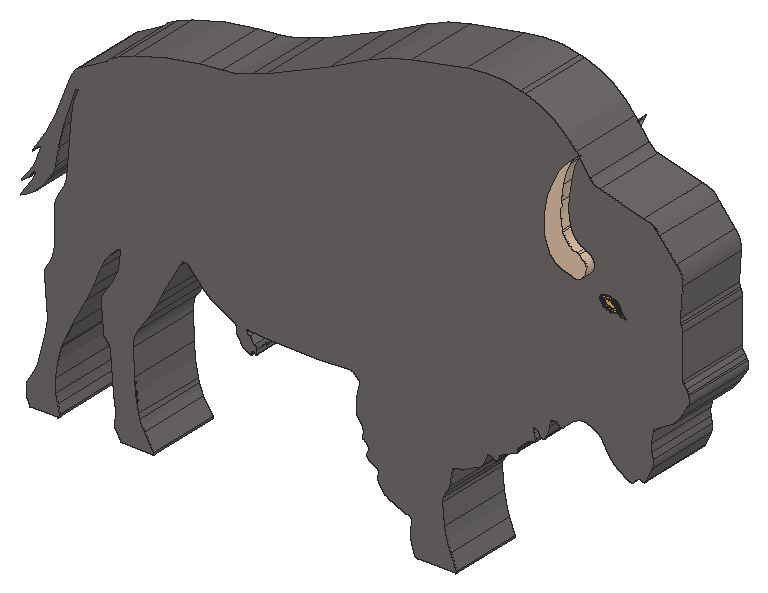
Revit family
Parameters
  Horns [instance] = Bison_Horns
  Horn Thickness [instance] = Bison Thickness / 8  # 0' - 1 1/2"
  Fur [instance] = Bison_Fur
  Eye [instance] = Bison_EYE
  Bison Thickness [instance] = 1' - 0"
Reference planes (in)
  plane 1 "Center (Front/Back)": y = 0
  plane 2: z = 0
  plane 3 "Center (Left/Right)": x = 0
  plane 4: z = 69
  plane 5: y = -12
  plane 6: y = 1.5
  plane 7: y = -13.5
Forms (in)
  Extrusion 1, solid, material "Bison_Fur" <- "Fur"
    sketch origin (0, 0, 0) x (1, 0, 0) y (0, 0, 1)
      loop
        arc (-44, 1.24435) -> (-43.99015, 1.13592) -> (-43.96091, 1.03105) r 0.60152
        line (-43.96091, 1.03105) -> (-43.63106, 0.16135)
        arc (-43.63106, 0.16135) -> (-43.53932, 0.04425) -> (-43.39731, 0) r 0.25
        line (-43.39731, 0) -> (-39.01445, 0)
        arc (-39.01445, 0) -> (-38.74074, 0.1335) -> (-38.67742, 0.43138) r 0.34735
        line (-38.67742, 0.43138) -> (-39.0444, 1.90325)
        arc (-39.0444, 1.90325) -> (-39.19104, 2.69443) -> (-39.24016, 3.49759) r 6.59028
        line (-39.24016, 3.49759) -> (-39.24016, 5.71982)
        arc (-39.24016, 5.71982) -> (-39.02747, 8.1509) -> (-38.39586, 10.50811) r 14
        line (-38.39586, 10.50811) -> (-38.23124, 10.96039)
        arc (-38.23124, 10.96039) -> (-37.55121, 12.62261) -> (-36.74286, 14.22635) r 22.87259
        line (-36.74286, 14.22635) -> (-34.14501, 18.91298)
        arc (-34.14501, 18.91298) -> (-33.53714, 20.10601) -> (-33.01397, 21.33852) r 19.18308
        line (-33.01397, 21.33852) -> (-31.74768, 24.63732)
        arc (-31.74768, 24.63732) -> (-31.13797, 25.84656) -> (-30.29915, 26.90976) r 6.75
        line (-30.29915, 26.90976) -> (-29.02205, 28.23089)
        arc (-29.02205, 28.23089) -> (-28.73857, 28.2846) -> (-28.59325, 28.03534) r 0.25
        line (-28.59325, 28.03534) -> (-28.72522, 26.52696)
        arc (-28.72522, 26.52696) -> (-29.14568, 24.59046) -> (-30.0376, 22.82092) r 7.85117
        line (-30.0376, 22.82092) -> (-31.35658, 20.86544)
        arc (-31.35658, 20.86544) -> (-31.6988, 20.1145) -> (-31.7779, 19.29307) r 2.5
        line (-31.7779, 19.29307) -> (-31.48827, 15.15113)
        arc (-31.48827, 15.15113) -> (-31.37413, 14.70171) -> (-31.10984, 14.32073) r 1.30288
        line (-31.10984, 14.32073) -> (-30.7241, 13.935)
        arc (-30.7241, 13.935) -> (-30.47053, 13.56948) -> (-30.36103, 13.13831) r 1.25
        line (-30.36103, 13.13831) -> (-30.18313, 10.59423)
        arc (-30.18313, 10.59423) -> (-30.01901, 8.61919) -> (-29.80326, 6.64913) r 75.70296
        line (-29.80326, 6.64913) -> (-29.50713, 4.23738)
        arc (-29.50713, 4.23738) -> (-29.46727, 3.40747) -> (-29.55051, 2.58078) r 5.60575
        line (-29.55051, 2.58078) -> (-29.60727, 2.2589)
        arc (-29.60727, 2.2589) -> (-29.60587, 1.93968) -> (-29.49278, 1.64116) r 0.89698
        line (-29.49278, 1.64116) -> (-28.61928, 0.18742)
        arc (-28.61928, 0.18742) -> (-28.47832, 0.0501) -> (-28.28802, 0) r 0.38647
        line (-28.28802, 0) -> (-23.3342, 0)
        arc (-23.3342, 0) -> (-23.17291, 0.09406) -> (-23.17536, 0.28075) r 0.18531
        line (-23.17536, 0.28075) -> (-24.7562, 2.91171)
        arc (-24.7562, 2.91171) -> (-25.1671, 3.72693) -> (-25.45299, 4.59392) r 6.15933
        line (-25.45299, 4.59392) -> (-25.62557, 5.28608)
        arc (-25.62557, 5.28608) -> (-26.1227, 7.84359) -> (-26.34977, 10.43904) r 24.89082
        line (-26.34977, 10.43904) -> (-26.50104, 14.7708)
        arc (-26.50104, 14.7708) -> (-26.30715, 16.24352) -> (-25.64436, 17.57288) r 4.5
        line (-25.64436, 17.57288) -> (-23.99392, 19.84451)
        arc (-23.99392, 19.84451) -> (-23.23856, 21.00767) -> (-22.60892, 22.24341) r 13.25
        line (-22.60892, 22.24341) -> (-21.77302, 24.12086)
        arc (-21.77302, 24.12086) -> (-20.41501, 26.84461) -> (-18.82477, 29.43964) r 34.88722
        line (-18.82477, 29.43964) -> (-18.49417, 29.92978)
        arc (-18.49417, 29.92978) -> (-18.12757, 30.14788) -> (-17.7261, 30.00374) r 0.5
        line (-17.7261, 30.00374) -> (-15.17229, 27.44993)
        arc (-15.17229, 27.44993) -> (-13.82992, 26.30344) -> (-12.32473, 25.38106) r 11.25
        line (-12.32473, 25.38106) -> (-9.89175, 24.14139)
        arc (-9.89175, 24.14139) -> (-9.7372, 23.99853) -> (-9.68007, 23.79596) r 0.38768
        line (-9.68007, 23.79596) -> (-9.68007, 23.54323)
        arc (-9.68007, 23.54323) -> (-9.60661, 22.92252) -> (-9.39027, 22.33612) r 2.65888
        line (-9.39027, 22.33612) -> (-8.99246, 21.55538)
        arc (-8.99246, 21.55538) -> (-8.72104, 21.17132) -> (-8.35171, 20.88017) r 1.63872
        line (-8.35171, 20.88017) -> (-7.3999, 20.33064)
        arc (-7.3999, 20.33064) -> (-7.28778, 20.32329) -> (-7.2137, 20.40777) r 0.12702
        line (-7.2137, 20.40777) -> (-7.1098, 20.79554)
        arc (-7.1098, 20.79554) -> (-6.93302, 20.97232) -> (-6.69154, 20.90761) r 0.25
        line (-6.69154, 20.90761) -> (-6.42988, 20.64595)
        arc (-6.42988, 20.64595) -> (-6.34622, 20.62931) -> (-6.29883, 20.70024) r 0.07677
        line (-6.29883, 20.70024) -> (-6.29883, 21.35069)
        arc (-6.29883, 21.35069) -> (-6.37495, 21.73337) -> (-6.59172, 22.05779) r 1
        line (-6.59172, 22.05779) -> (-7.49664, 22.96271)
        arc (-7.49664, 22.96271) -> (-7.68477, 23.19712) -> (-7.81772, 23.4667) r 1.38048
        line (-7.81772, 23.4667) -> (-7.89994, 23.69262)
        arc (-7.89994, 23.69262) -> (-7.88097, 23.81591) -> (-7.7668, 23.86614) r 0.12967
        line (-7.7668, 23.86614) -> (-3.95931, 23.53303)
        arc (-3.95931, 23.53303) -> (0.00136, 23.34279) -> (3.96475, 23.46388) r 50.5
        line (3.96475, 23.46388) -> (9.0642, 23.82047)
        arc (9.0642, 23.82047) -> (9.43357, 23.76691) -> (9.74747, 23.565) r 0.87952
        line (9.74747, 23.565) -> (10.40546, 22.90702)
        arc (10.40546, 22.90702) -> (10.59957, 22.5708) -> (10.59957, 22.18257) r 0.75
        line (10.59957, 22.18257) -> (10.29046, 21.02896)
        arc (10.29046, 21.02896) -> (10.1213, 20.17855) -> (10.0646, 19.31333) r 6.62868
        line (10.0646, 19.31333) -> (10.0646, 17.88878)
        arc (10.0646, 17.88878) -> (10.13106, 17.45697) -> (10.32429, 17.06513) r 1.436
        line (10.32429, 17.06513) -> (11.00494, 16.09306)
        arc (11.00494, 16.09306) -> (11.14173, 15.78219) -> (11.14914, 15.44264) r 0.87045
        line (11.14914, 15.44264) -> (11.03989, 14.82303)
        arc (11.03989, 14.82303) -> (11.05543, 14.58585) -> (11.17874, 14.38265) r 0.5
        line (11.17874, 14.38265) -> (12.0322, 13.52919)
        arc (12.0322, 13.52919) -> (12.13402, 13.31809) -> (12.08229, 13.08948) r 0.35546
        line (12.08229, 13.08948) -> (11.67511, 12.43785)
        arc (11.67511, 12.43785) -> (11.63872, 12.27707) -> (11.71034, 12.12859) r 0.25
        line (11.71034, 12.12859) -> (12.21204, 11.62689)
        arc (12.21204, 11.62689) -> (12.64602, 11.26274) -> (13.13663, 10.97948) r 3.25
        line (13.13663, 10.97948) -> (13.47309, 10.82259)
        arc (13.47309, 10.82259) -> (13.6581, 10.64548) -> (13.69706, 10.39234) r 0.39839
        line (13.69706, 10.39234) -> (13.54833, 9.54885)
        arc (13.54833, 9.54885) -> (13.55527, 9.23073) -> (13.68343, 8.93947) r 0.81553
        line (13.68343, 8.93947) -> (14.54969, 7.70233)
        arc (14.54969, 7.70233) -> (14.81423, 7.41363) -> (15.14449, 7.20323) r 1.5
        line (15.14449, 7.20323) -> (17.72186, 6.00138)
        arc (17.72186, 6.00138) -> (17.95833, 5.92111) -> (18.20655, 5.89393) r 1.14688
        line (18.20655, 5.89393) -> (18.55742, 5.89393)
        arc (18.55742, 5.89393) -> (18.92606, 5.73172) -> (19.05552, 5.35035) r 0.5
        line (19.05552, 5.35035) -> (18.89666, 3.53458)
        arc (18.89666, 3.53458) -> (18.89666, 2.66302) -> (19.048, 1.8047) r 5
        line (19.048, 1.8047) -> (19.33297, 0.74118)
        arc (19.33297, 0.74118) -> (19.69014, 0.20665) -> (20.2989, 0) r 1
        line (20.2989, 0) -> (26.25877, 0)
        arc (26.25877, 0) -> (26.41132, 0.08111) -> (26.42938, 0.25294) r 0.18401
        line (26.42938, 0.25294) -> (25.42852, 2.73015)
        arc (25.42852, 2.73015) -> (24.84651, 4.52139) -> (24.51946, 6.3762) r 13.5
        line (24.51946, 6.3762) -> (24.16479, 9.75062)
        arc (24.16479, 9.75062) -> (24.18998, 10.16247) -> (24.34788, 10.54368) r 1.25
        line (24.34788, 10.54368) -> (24.89637, 11.42145)
        arc (24.89637, 11.42145) -> (25.13159, 11.89321) -> (25.27246, 12.40119) r 2.75
        line (25.27246, 12.40119) -> (25.73032, 14.99782)
        arc (25.73032, 14.99782) -> (25.84712, 15.22706) -> (26.07214, 15.35179) r 0.43998
        line (26.07214, 15.35179) -> (26.8708, 15.52155)
        arc (26.8708, 15.52155) -> (27.48093, 15.69075) -> (28.06589, 15.93305) r 5.18569
        line (28.06589, 15.93305) -> (30.25615, 17.00131)
        arc (30.25615, 17.00131) -> (30.58713, 17.23958) -> (30.81959, 17.57467) r 1.20409
        line (30.81959, 17.57467) -> (31.54981, 19.14063)
        arc (31.54981, 19.14063) -> (31.74492, 19.31942) -> (32.0093, 19.30787) r 0.34576
        line (32.0093, 19.30787) -> (32.89998, 18.89254)
        arc (32.89998, 18.89254) -> (33.0311, 18.88682) -> (33.12787, 18.97549) r 0.17149
        line (33.12787, 18.97549) -> (33.43401, 19.63202)
        arc (33.43401, 19.63202) -> (33.62707, 19.91031) -> (33.90195, 20.10819) r 1
        line (33.90195, 20.10819) -> (36.41552, 21.33414)
        arc (36.41552, 21.33414) -> (36.48061, 21.39275) -> (36.50475, 21.47694) r 0.15888
        line (36.50475, 21.47694) -> (36.50475, 21.68989)
        arc (36.50475, 21.68989) -> (36.54408, 21.8876) -> (36.65607, 22.0552) r 0.51663
        line (36.65607, 22.0552) -> (38.08318, 23.48231)
        arc (38.08318, 23.48231) -> (38.48871, 23.75328) -> (38.96706, 23.84843) r 1.25
        line (38.96706, 23.84843) -> (39.14057, 23.84843)
        arc (39.14057, 23.84843) -> (39.33486, 23.9411) -> (39.38511, 24.15041) r 0.25
        line (39.38511, 24.15041) -> (39.06805, 25.64203)
        arc (39.06805, 25.64203) -> (39.203, 25.91871) -> (39.5041, 25.85471) r 0.25
        line (39.5041, 25.85471) -> (40.29139, 24.91645)
        arc (40.29139, 24.91645) -> (40.60868, 24.78177) -> (40.90413, 24.9593) r 0.37962
        line (40.90413, 24.9593) -> (41.03958, 25.17606)
        arc (41.03958, 25.17606) -> (41.46724, 26.03381) -> (41.72337, 26.95741) r 5
        line (41.72337, 26.95741) -> (41.86, 27.73228)
        arc (41.86, 27.73228) -> (42.14904, 28.10223) -> (42.61737, 28.06948) r 0.5
        line (42.61737, 28.06948) -> (43.291, 27.64854)
        arc (43.291, 27.64854) -> (43.6743, 27.55298) -> (44.04056, 27.70096) r 0.63917
        line (44.04056, 27.70096) -> (45.84136, 29.21201)
        arc (45.84136, 29.21201) -> (46.80585, 29.66689) -> (47.86928, 29.58786) r 2.09419
        line (47.86928, 29.58786) -> (48.80943, 29.26415)
        arc (48.80943, 29.26415) -> (49.70311, 28.76877) -> (50.37346, 27.99762) r 2.94213
        line (50.37346, 27.99762) -> (51.46343, 26.1836)
        arc (51.46343, 26.1836) -> (52.10057, 25.36072) -> (52.9122, 24.70932) r 4.42713
        line (52.9122, 24.70932) -> (54.71168, 23.58489)
        arc (54.71168, 23.58489) -> (55.16868, 23.48148) -> (55.59071, 23.68504) r 0.71061
        line (55.59071, 23.68504) -> (56.25248, 24.34681)
        arc (56.25248, 24.34681) -> (56.44209, 24.44551) -> (56.65402, 24.41761) r 0.35543
        line (56.65402, 24.41761) -> (56.99179, 24.26011)
        arc (56.99179, 24.26011) -> (57.28116, 24.24747) -> (57.49471, 24.44315) r 0.37844
        line (57.49471, 24.44315) -> (58.55914, 26.72584)
        arc (58.55914, 26.72584) -> (58.74727, 27.39287) -> (58.71401, 28.08513) r 2.15578
        line (58.71401, 28.08513) -> (58.48565, 29.15948)
        arc (58.48565, 29.15948) -> (58.4097, 29.82609) -> (58.46234, 30.49494) r 3.5
        line (58.46234, 30.49494) -> (58.77357, 32.26002)
        arc (58.77357, 32.26002) -> (58.87137, 32.49906) -> (59.05948, 32.67602) r 0.60862
        line (59.05948, 32.67602) -> (61.40736, 34.08677)
        arc (61.40736, 34.08677) -> (62.36237, 34.82621) -> (63.11837, 35.76817) r 5.138
        line (63.11837, 35.76817) -> (64.39703, 37.81446)
        arc (64.39703, 37.81446) -> (64.65336, 38.55889) -> (64.55741, 39.34035) r 1.75
        line (64.55741, 39.34035) -> (64.44544, 39.648)
        arc (64.44544, 39.648) -> (64.31295, 39.95348) -> (64.14475, 40.24085) r 2.76929
        line (64.14475, 40.24085) -> (63.67551, 40.94215)
        arc (63.67551, 40.94215) -> (63.58767, 41.12763) -> (63.55753, 41.33063) r 0.69856
        line (63.55753, 41.33063) -> (63.55753, 48.48369)
        arc (63.55753, 48.48369) -> (63.51678, 48.94948) -> (63.39576, 49.40112) r 2.68239
        line (63.39576, 49.40112) -> (63.26991, 49.74689)
        arc (63.26991, 49.74689) -> (63.17258, 50.13726) -> (63.15854, 50.53934) r 1.92445
        line (63.15854, 50.53934) -> (63.48068, 55.14613)
        arc (63.48068, 55.14613) -> (63.28881, 56.70876) -> (62.52554, 58.08573) r 4.1255
        line (62.52554, 58.08573) -> (59.82521, 61.30386)
        arc (59.82521, 61.30386) -> (58.61255, 62.35801) -> (57.13349, 62.98583) r 5.13567
        line (57.13349, 62.98583) -> (49.84365, 64.80339)
        arc (49.84365, 64.80339) -> (48.97116, 65.19185) -> (48.28414, 65.85529) r 2.75
        line (48.28414, 65.85529) -> (46.06702, 68.9069)
        arc (46.06702, 68.9069) -> (42.44457, 72.40506) -> (37.84414, 74.4533) r 14.5
        line (37.84414, 74.4533) -> (36.95847, 74.67413)
        arc (36.95847, 74.67413) -> (32.52519, 75.25778) -> (28.07425, 74.8292) r 19.75
        line (28.07425, 74.8292) -> (19.11898, 72.9257)
        arc (19.11898, 72.9257) -> (15.49949, 71.9049) -> (12.04421, 70.42039) r 28.75
        line (12.04421, 70.42039) -> (5.57679, 67.12507)
        arc (5.57679, 67.12507) -> (0.43154, 64.67092) -> (-4.83509, 62.48941) r 108.88519
        line (-4.83509, 62.48941) -> (-7.11623, 61.61376)
        arc (-7.11623, 61.61376) -> (-9.58345, 60.84767) -> (-12.12956, 60.41016) r 19.75
        line (-12.12956, 60.41016) -> (-15.73019, 60.03172)
        arc (-15.73019, 60.03172) -> (-21.1447, 59.10134) -> (-26.39145, 57.47218) r 42
        line (-26.39145, 57.47218) -> (-28.89422, 56.51146)
        arc (-28.89422, 56.51146) -> (-29.65546, 56.14836) -> (-30.35053, 55.67066) r 5.37479
        line (-30.35053, 55.67066) -> (-31.14783, 55.02502)
        arc (-31.14783, 55.02502) -> (-31.17929, 55.00153) -> (-31.21249, 54.98058) r 0.5
        line (-31.21249, 54.98058) -> (-35.316, 52.61141)
        arc (-35.316, 52.61141) -> (-36.19878, 51.86409) -> (-36.76393, 50.85493) r 3.25
        line (-36.76393, 50.85493) -> (-37.09613, 49.89015)
        arc (-37.09613, 49.89015) -> (-38.06329, 47.30338) -> (-39.1645, 44.77076) r 52.75
        line (-39.1645, 44.77076) -> (-39.96304, 43.05828)
        arc (-39.96304, 43.05828) -> (-40.45565, 42.08097) -> (-41.007, 41.13555) r 17.9191
        line (-41.007, 41.13555) -> (-43.10487, 37.77825)
        arc (-43.10487, 37.77825) -> (-43.09783, 37.73723) -> (-43.05628, 37.73959) r 0.03125
        line (-43.05628, 37.73959) -> (-41.98745, 38.80842)
        arc (-41.98745, 38.80842) -> (-41.79743, 38.82839) -> (-41.73839, 38.64668) r 0.1518
        line (-41.73839, 38.64668) -> (-42.77766, 35.93928)
        arc (-42.77766, 35.93928) -> (-43.15548, 35.14716) -> (-43.65257, 34.4239) r 5.59282
        line (-43.65257, 34.4239) -> (-44.86053, 32.93219)
        arc (-44.86053, 32.93219) -> (-44.85767, 32.85023) -> (-44.77611, 32.84166) r 0.0625
        line (-44.77611, 32.84166) -> (-44.01046, 33.37777)
        arc (-44.01046, 33.37777) -> (-43.54277, 33.7737) -> (-43.15506, 34.24823) r 3.34846
        line (-43.15506, 34.24823) -> (-42.85741, 34.68952)
        arc (-42.85741, 34.68952) -> (-42.69606, 34.7305) -> (-42.63708, 34.57483) r 0.125
        line (-42.63708, 34.57483) -> (-42.85704, 34.00183)
        arc (-42.85704, 34.00183) -> (-43.08129, 33.51537) -> (-43.36713, 33.06235) r 4.09504
        line (-43.36713, 33.06235) -> (-45.10884, 30.66508)
        arc (-45.10884, 30.66508) -> (-45.10593, 30.5879) -> (-45.03024, 30.57249) r 0.0625
        line (-45.03024, 30.57249) -> (-44.07379, 31.05261)
        arc (-44.07379, 31.05261) -> (-41.99528, 32.50755) -> (-40.42156, 34.49765) r 8.75
        line (-40.42156, 34.49765) -> (-39.82272, 35.53488)
        arc (-39.82272, 35.53488) -> (-39.53969, 36.14607) -> (-39.37056, 36.79804) r 3.75
        line (-39.37056, 36.79804) -> (-38.86713, 39.84227)
        arc (-38.86713, 39.84227) -> (-38.52558, 41.47821) -> (-38.04821, 43.07979) r 19.93405
        line (-38.04821, 43.07979) -> (-35.9524, 49.16646)
        arc (-35.9524, 49.16646) -> (-35.88596, 49.27488) -> (-35.77992, 49.34506) r 0.29375
        line (-35.77992, 49.34506) -> (-35.61019, 49.41022)
        arc (-35.61019, 49.41022) -> (-35.56222, 49.39903) -> (-35.55486, 49.35033) r 0.04389
        arc (-35.55486, 49.35033) -> (-36.31887, 47.29584) -> (-36.7045, 45.13809) r 12.25
        line (-36.7045, 45.13809) -> (-37.54401, 35.54248)
        arc (-37.54401, 35.54248) -> (-37.68206, 34.84844) -> (-37.96706, 34.20073) r 3.25
        line (-37.96706, 34.20073) -> (-38.94591, 32.50532)
        arc (-38.94591, 32.50532) -> (-39.34551, 31.5406) -> (-39.4818, 30.50532) r 4
        line (-39.4818, 30.50532) -> (-39.4818, 25.23385)
        arc (-39.4818, 25.23385) -> (-39.66069, 23.87505) -> (-40.18517, 22.60885) r 5.25
        line (-40.18517, 22.60885) -> (-40.91624, 21.3426)
        arc (-40.91624, 21.3426) -> (-41.13403, 20.77524) -> (-41.16583, 20.16836) r 1.9424
        line (-41.16583, 20.16836) -> (-40.71524, 15.88128)
        arc (-40.71524, 15.88128) -> (-40.67973, 13.84694) -> (-40.99802, 11.83733) r 11.67251
        line (-40.99802, 11.83733) -> (-42.26319, 6.76303)
        arc (-42.26319, 6.76303) -> (-42.40497, 6.32669) -> (-42.60609, 5.91432) r 3.28857
        line (-42.60609, 5.91432) -> (-43.89448, 3.68277)
        arc (-43.89448, 3.68277) -> (-43.97316, 3.49281) -> (-44, 3.28896) r 0.78761
        line (-44, 3.28896) -> (-44, 1.24435)
      loop
        line (54.10579, 47.1303) -> (53.57366, 47.76446)
        arc (53.57366, 47.76446) -> (53.37226, 48.05209) -> (53.22387, 48.37032) r 2.01438
        line (53.22387, 48.37032) -> (53.13858, 48.60467)
        arc (53.13858, 48.60467) -> (52.88666, 49.01571) -> (52.49414, 49.29562) r 1.20883
        line (52.49414, 49.29562) -> (51.98635, 49.52161)
        arc (51.98635, 49.52161) -> (51.57848, 49.63837) -> (51.15423, 49.63794) r 1.52113
        line (51.15423, 49.63794) -> (50.75342, 49.58108)
        arc (50.75342, 49.58108) -> (50.4103, 49.46313) -> (50.13548, 49.22624) r 0.95974
        line (50.13548, 49.22624) -> (49.89999, 48.92852)
        arc (49.89999, 48.92852) -> (49.83994, 48.76626) -> (49.88691, 48.59975) r 0.27945
        line (49.88691, 48.59975) -> (50.38874, 47.84975)
        arc (50.38874, 47.84975) -> (50.57719, 47.65522) -> (50.82205, 47.53946) r 0.75714
        line (50.82205, 47.53946) -> (51.57268, 47.33833)
        arc (51.57268, 47.33833) -> (51.89775, 47.2912) -> (52.22483, 47.32125) r 1.39726
        line (52.22483, 47.32125) -> (52.50541, 47.38089)
        arc (52.50541, 47.38089) -> (52.97892, 47.39939) -> (53.43139, 47.25856) r 1.39726
        line (53.43139, 47.25856) -> (53.98345, 46.97664)
        arc (53.98345, 46.97664) -> (54.10742, 47.00347) -> (54.10579, 47.1303) r 0.10021
    from 0 to 12 <- "Bison Thickness"
  Extrusion 2, solid, material "Bison_Horns" <- "Horns"
    sketch origin (0, 0, 0) x (1, 0, 0) y (0, 0, 1)
      loop
        arc (46.47697, 51.38337) -> (48.83077, 52.55593) -> (47.69785, 54.92907) r 1.87526
        line (47.69785, 54.92907) -> (47.29697, 55.07467)
        arc (47.29697, 55.07467) -> (45.91214, 55.99896) -> (45.11107, 57.45854) r 3.5
        line (45.11107, 57.45854) -> (45.03318, 57.74922)
        arc (45.03318, 57.74922) -> (44.70614, 59.81405) -> (44.81555, 61.90176) r 10
        line (44.81555, 61.90176) -> (45.24179, 64.59292)
        arc (45.24179, 64.59292) -> (45.70352, 66.41099) -> (46.48884, 68.11447) r 10.25
        line (46.48884, 68.11447) -> (46.72963, 68.53154)
        arc (46.72963, 68.53154) -> (46.72561, 68.55175) -> (46.70505, 68.5504) r 0.01563
        line (46.70505, 68.5504) -> (45.3208, 67.16614)
        arc (45.3208, 67.16614) -> (44.57044, 66.27951) -> (43.97704, 65.281) r 7
        line (43.97704, 65.281) -> (43.49111, 64.28309)
        arc (43.49111, 64.28309) -> (42.56894, 61.79265) -> (42.15214, 59.16988) r 13.5
        line (42.15214, 59.16988) -> (42.04127, 57.29544)
        arc (42.04127, 57.29544) -> (42.19466, 55.43424) -> (42.86099, 53.68965) r 6.6301
        line (42.86099, 53.68965) -> (42.9567, 53.51699)
        arc (42.9567, 53.51699) -> (43.79068, 52.51389) -> (44.93405, 51.88586) r 3.5
        line (44.93405, 51.88586) -> (46.47697, 51.38337)
    from -1.5 to 0
  Extrusion 3, solid, material "Bison_Horns" <- "Horns"
    sketch origin (0, -15, 0) x (1, 0, 0) y (0, 0, 1)
      loop
        arc (46.47697, 51.38337) -> (48.83077, 52.55593) -> (47.69785, 54.92907) r 1.87526
        line (47.69785, 54.92907) -> (47.29697, 55.07467)
        arc (47.29697, 55.07467) -> (45.91214, 55.99896) -> (45.11107, 57.45854) r 3.5
        line (45.11107, 57.45854) -> (45.03318, 57.74922)
        arc (45.03318, 57.74922) -> (44.70614, 59.81405) -> (44.81555, 61.90176) r 10
        line (44.81555, 61.90176) -> (45.24179, 64.59292)
        arc (45.24179, 64.59292) -> (45.70352, 66.41099) -> (46.48884, 68.11447) r 10.25
        line (46.48884, 68.11447) -> (46.72963, 68.53154)
        arc (46.72963, 68.53154) -> (46.72561, 68.55175) -> (46.70505, 68.5504) r 0.01563
        line (46.70505, 68.5504) -> (45.3208, 67.16614)
        arc (45.3208, 67.16614) -> (44.57044, 66.27951) -> (43.97704, 65.281) r 7
        line (43.97704, 65.281) -> (43.49111, 64.28309)
        arc (43.49111, 64.28309) -> (42.56894, 61.79265) -> (42.15214, 59.16988) r 13.5
        line (42.15214, 59.16988) -> (42.04127, 57.29544)
        arc (42.04127, 57.29544) -> (42.19466, 55.43424) -> (42.86099, 53.68965) r 6.6301
        line (42.86099, 53.68965) -> (42.9567, 53.51699)
        arc (42.9567, 53.51699) -> (43.79068, 52.51389) -> (44.93405, 51.88586) r 3.5
        line (44.93405, 51.88586) -> (46.47697, 51.38337)
    from -3 to -1.5
  Extrusion 4, solid, material "Bison_EYE" <- "Eye"
    sketch origin (0, 0, 0) x (1, 0, 0) y (0, 0, 1)
      loop
        line (54.10579, 47.1303) -> (53.57366, 47.76446)
        arc (53.57366, 47.76446) -> (53.37226, 48.05209) -> (53.22387, 48.37032) r 2.01438
        line (53.22387, 48.37032) -> (53.13858, 48.60467)
        arc (53.13858, 48.60467) -> (52.88666, 49.01571) -> (52.49414, 49.29562) r 1.20883
        line (52.49414, 49.29562) -> (51.98635, 49.52161)
        arc (51.98635, 49.52161) -> (51.57848, 49.63837) -> (51.15423, 49.63794) r 1.52113
        line (51.15423, 49.63794) -> (50.75342, 49.58108)
        arc (50.75342, 49.58108) -> (50.4103, 49.46313) -> (50.13548, 49.22624) r 0.95974
        line (50.13548, 49.22624) -> (49.89999, 48.92852)
        arc (49.89999, 48.92852) -> (49.83994, 48.76626) -> (49.88691, 48.59975) r 0.27945
        line (49.88691, 48.59975) -> (50.38874, 47.84975)
        arc (50.38874, 47.84975) -> (50.57719, 47.65522) -> (50.82205, 47.53946) r 0.75714
        line (50.82205, 47.53946) -> (51.57268, 47.33833)
        arc (51.57268, 47.33833) -> (51.89775, 47.2912) -> (52.22483, 47.32125) r 1.39726
        line (52.22483, 47.32125) -> (52.50541, 47.38089)
        arc (52.50541, 47.38089) -> (52.97892, 47.39939) -> (53.43139, 47.25856) r 1.39726
        line (53.43139, 47.25856) -> (53.98345, 46.97664)
        arc (53.98345, 46.97664) -> (54.10742, 47.00347) -> (54.10579, 47.1303) r 0.10021
      loop
        arc (51.93553, 49.40741) -> (51.56118, 49.51457) -> (51.17178, 49.51418) r 1.39613
        line (51.17178, 49.51418) -> (50.77097, 49.45732)
        arc (50.77097, 49.45732) -> (50.47254, 49.35473) -> (50.23352, 49.14869) r 0.83474
        line (50.23352, 49.14869) -> (49.99803, 48.85097)
        arc (49.99803, 48.85097) -> (49.96484, 48.7613) -> (49.9908, 48.66926) r 0.15445
        line (49.9908, 48.66926) -> (50.49263, 47.91927)
        arc (50.49263, 47.91927) -> (50.64997, 47.75685) -> (50.8544, 47.6602) r 0.63214
        line (50.8544, 47.6602) -> (51.60504, 47.45907)
        arc (51.60504, 47.45907) -> (51.90102, 47.41615) -> (52.19884, 47.44352) r 1.27226
        line (52.19884, 47.44352) -> (52.47942, 47.50316)
        arc (52.47942, 47.50316) -> (52.99529, 47.52331) -> (53.48824, 47.36988) r 1.52226
        line (53.48824, 47.36988) -> (53.93153, 47.14351) -> (53.47791, 47.68411)
        arc (53.47791, 47.68411) -> (53.26401, 47.98959) -> (53.10641, 48.32757) r 2.13938
        line (53.10641, 48.32757) -> (53.02111, 48.56191)
        arc (53.02111, 48.56191) -> (52.79525, 48.93046) -> (52.44332, 49.18142) r 1.08383
        line (52.44332, 49.18142) -> (51.93553, 49.40741)
      loop
        line (51.18934, 49.39042) -> (50.78853, 49.33356)
        arc (50.78853, 49.33356) -> (50.53479, 49.24633) -> (50.33156, 49.07115) r 0.70974
        line (50.33156, 49.07115) -> (50.09607, 48.77343)
        arc (50.09607, 48.77343) -> (50.08974, 48.75633) -> (50.09469, 48.73878) r 0.02945
        line (50.09469, 48.73878) -> (50.59652, 47.98878)
        arc (50.59652, 47.98878) -> (50.72274, 47.85848) -> (50.88675, 47.78094) r 0.50714
        line (50.88675, 47.78094) -> (51.63739, 47.57981)
        arc (51.63739, 47.57981) -> (51.90429, 47.54111) -> (52.17285, 47.56579) r 1.14726
        line (52.17285, 47.56579) -> (52.45343, 47.62543)
        arc (52.45343, 47.62543) -> (52.95725, 47.6535) -> (53.44593, 47.52775) r 1.64726
        line (53.44593, 47.52775) -> (53.38215, 47.60376)
        arc (53.38215, 47.60376) -> (53.15576, 47.92709) -> (52.98895, 48.28481) r 2.26438
        line (52.98895, 48.28481) -> (52.90365, 48.51916)
        arc (52.90365, 48.51916) -> (52.70384, 48.8452) -> (52.39249, 49.06722) r 0.95883
        line (52.39249, 49.06722) -> (51.88471, 49.29321)
        arc (51.88471, 49.29321) -> (51.54387, 49.39077) -> (51.18934, 49.39042) r 1.27113
      loop
        line (50.23728, 48.75046) -> (50.70041, 48.05829)
        arc (50.70041, 48.05829) -> (50.79552, 47.96011) -> (50.9191, 47.90168) r 0.38214
        line (50.9191, 47.90168) -> (51.66974, 47.70055)
        arc (51.66974, 47.70055) -> (51.90756, 47.66607) -> (52.14686, 47.68806) r 1.02226
        line (52.14686, 47.68806) -> (52.42744, 47.7477)
        arc (52.42744, 47.7477) -> (52.76969, 47.78623) -> (53.11292, 47.75784) r 1.77226
        arc (53.11292, 47.75784) -> (52.97845, 47.9931) -> (52.87149, 48.24206) r 2.38938
        line (52.87149, 48.24206) -> (52.78619, 48.47641)
        arc (52.78619, 48.47641) -> (52.61242, 48.75994) -> (52.34167, 48.95302) r 0.83383
        line (52.34167, 48.95302) -> (51.83388, 49.179)
        arc (51.83388, 49.179) -> (51.52656, 49.26698) -> (51.2069, 49.26665) r 1.14613
        line (51.2069, 49.26665) -> (50.80609, 49.20979)
        arc (50.80609, 49.20979) -> (50.59703, 49.13793) -> (50.4296, 48.9936) r 0.58474
        line (50.4296, 48.9936) -> (50.23728, 48.75046)
      loop
        line (51.22446, 49.14289) -> (50.82365, 49.08603)
        arc (50.82365, 49.08603) -> (50.65928, 49.02953) -> (50.52764, 48.91606) r 0.45974
        line (50.52764, 48.91606) -> (50.39179, 48.74431) -> (50.8043, 48.12781)
        arc (50.8043, 48.12781) -> (50.8683, 48.06174) -> (50.95145, 48.02242) r 0.25714
        line (50.95145, 48.02242) -> (51.70209, 47.82129)
        arc (51.70209, 47.82129) -> (51.91084, 47.79103) -> (52.12087, 47.81033) r 0.89726
        line (52.12087, 47.81033) -> (52.40146, 47.86996)
        arc (52.40146, 47.86996) -> (52.6398, 47.90499) -> (52.88066, 47.90953) r 1.89726
        arc (52.88066, 47.90953) -> (52.81278, 48.05243) -> (52.75402, 48.19931) r 2.51438
        line (52.75402, 48.19931) -> (52.66873, 48.43366)
        arc (52.66873, 48.43366) -> (52.52101, 48.67469) -> (52.29085, 48.83882) r 0.70883
        line (52.29085, 48.83882) -> (51.78306, 49.0648)
        arc (51.78306, 49.0648) -> (51.50926, 49.14318) -> (51.22446, 49.14289) r 1.02113
      loop
        line (51.24201, 49.01913) -> (50.8412, 48.96227)
        arc (50.8412, 48.96227) -> (50.72153, 48.92114) -> (50.62567, 48.83851) r 0.33474
        line (50.62567, 48.83851) -> (50.5463, 48.73816) -> (50.90819, 48.19732)
        arc (50.90819, 48.19732) -> (50.94107, 48.16337) -> (50.98381, 48.14317) r 0.13214
        line (50.98381, 48.14317) -> (51.73445, 47.94203)
        arc (51.73445, 47.94203) -> (51.91411, 47.91598) -> (52.09488, 47.93259) r 0.77226
        line (52.09488, 47.93259) -> (52.37547, 47.99223)
        arc (52.37547, 47.99223) -> (52.5294, 48.01879) -> (52.68493, 48.03338) r 2.02226
        arc (52.68493, 48.03338) -> (52.65997, 48.09466) -> (52.63656, 48.15656) r 2.63938
        line (52.63656, 48.15656) -> (52.55127, 48.3909)
        arc (52.55127, 48.3909) -> (52.4296, 48.58943) -> (52.24002, 48.72462) r 0.58383
        line (52.24002, 48.72462) -> (51.73224, 48.9506)
        arc (51.73224, 48.9506) -> (51.49195, 49.01939) -> (51.24201, 49.01913) r 0.89613
      loop
        line (51.25957, 48.89537) -> (50.85876, 48.83851)
        arc (50.85876, 48.83851) -> (50.78377, 48.81274) -> (50.72371, 48.76096) r 0.20974
        line (50.72371, 48.76096) -> (50.70082, 48.73202) -> (51.01357, 48.2646) -> (51.7668, 48.06277)
        arc (51.7668, 48.06277) -> (51.91738, 48.04094) -> (52.0689, 48.05486) r 0.64726
        line (52.0689, 48.05486) -> (52.34948, 48.1145)
        arc (52.34948, 48.1145) -> (52.42887, 48.12982) -> (52.50879, 48.14214) r 2.14726
        line (52.50879, 48.14214) -> (52.43381, 48.34815)
        arc (52.43381, 48.34815) -> (52.33819, 48.50417) -> (52.1892, 48.61042) r 0.45883
        line (52.1892, 48.61042) -> (51.68141, 48.8364)
        arc (51.68141, 48.8364) -> (51.47464, 48.89559) -> (51.25957, 48.89537) r 0.77113
    from 0 to 12 <- "Bison Thickness"
Dimensions and locks (in)
  "Bison Thickness": plane 1 "Center (Front/Back)" to plane 5
  "Horn Thickness": plane 6 to plane 1 "Center (Front/Back)"
  "Horn Thickness": plane 5 to plane 7
  aligned and locked: plane 6 to Extrusion 2
  aligned and locked: plane 1 "Center (Front/Back)" to Extrusion 2
  aligned and locked: Extrusion 3 to plane 7
  aligned and locked: plane 5 to Extrusion 3
Automatic sketch dimensions
  Extrusion 2 sketch curve to plane 4 = 0' - 11.70456"
  plane 3 "Center (Left/Right)" to Extrusion 2 sketch curve = 3' - 6.04127"
  Extrusion 2 sketch curve to plane 4 = 0' - 9.83012"
  Extrusion 2 sketch curve to Extrusion 2 sketch curve = 0' - 0.11087"
  Extrusion 2 sketch curve to plane 4 = 1' - 3.31035"
  Extrusion 2 sketch curve to Extrusion 2 sketch curve = 0' - 0.81972"
  Extrusion 2 sketch curve to plane 4 = 1' - 3.48301"
  Extrusion 2 sketch curve to Extrusion 2 sketch curve = 0' - 0.09571"
  Extrusion 2 sketch curve to plane 4 = 0' - 4.71691"
  Extrusion 2 sketch curve to Extrusion 2 sketch curve = 0' - 1.33897"
  Extrusion 2 sketch curve to plane 4 = 0' - 3.719"
  Extrusion 2 sketch curve to Extrusion 2 sketch curve = 0' - 0.48593"
  Extrusion 2 sketch curve to plane 4 = 0' - 7.09824"
  Extrusion 2 sketch curve to Extrusion 2 sketch curve = 0' - 1.32444"
  Extrusion 2 sketch curve to plane 4 = 1' - 5.11414"
  Extrusion 2 sketch curve to Extrusion 2 sketch curve = 0' - 1.97735"
  Extrusion 2 sketch curve to plane 4 = 0' - 11.25078"
  Extrusion 2 sketch curve to Extrusion 2 sketch curve = 0' - 2.9919"
  Extrusion 2 sketch curve to Extrusion 2 sketch curve = 0' - 0.07789"
  Extrusion 2 sketch curve to Extrusion 2 sketch curve = 0' - 1.26475"
  Extrusion 2 sketch curve to plane 4 = 0' - 1.83386"
  Extrusion 2 sketch curve to Extrusion 2 sketch curve = 0' - 1 11/32"
  Extrusion 2 sketch curve to Extrusion 2 sketch curve = 0' - 0.9068"
  Extrusion 2 sketch curve to Extrusion 2 sketch curve = 0' - 1.54293"
  Extrusion 2 sketch curve to plane 4 = 0' - 0.88553"
  Extrusion 2 sketch curve to Extrusion 2 sketch curve = 0' - 1.16804"
  Extrusion 2 sketch curve to Extrusion 2 sketch curve = 0' - 0.21622"
  Extrusion 2 sketch curve to Extrusion 2 sketch curve = 0' - 0.01105"
  Extrusion 2 sketch curve to Extrusion 2 sketch curve = 0' - 0.01353"
  Extrusion 2 sketch curve to Extrusion 2 sketch curve = 0' - 0.5807"
  Extrusion 2 sketch curve to plane 4 = 1' - 1.92533"
  Extrusion 2 sketch curve to Extrusion 2 sketch curve = 0' - 1.2791"
  Extrusion 2 sketch curve to plane 4 = 1' - 2.07093"
  Extrusion 2 sketch curve to Extrusion 2 sketch curve = 0' - 0.40088"
  Extrusion 2 sketch curve to Extrusion 2 sketch curve = 0' - 3.38074"
  Extrusion 2 sketch curve to Extrusion 2 sketch curve = 0' - 0.168"
  Extrusion 2 sketch curve to Extrusion 2 sketch curve = 0' - 1.77874"
  Extrusion 2 sketch curve to Extrusion 2 sketch curve = 0' - 4 27/64"
  Extrusion 2 sketch curve to Extrusion 2 sketch curve = 0' - 0.67316"
  Extrusion 2 sketch curve to Extrusion 2 sketch curve = 0' - 0.93615"
  Extrusion 2 sketch curve to Extrusion 2 sketch curve = 0' - 0.50249"
  Extrusion 2 sketch curve to Extrusion 2 sketch curve = 0' - 0.29068"
  Extrusion 2 sketch curve to Extrusion 2 sketch curve = 0' - 2.65205"
  Extrusion 2 sketch curve to plane 4 = 0' - 0.46846"
  Extrusion 2 sketch curve to Extrusion 2 sketch curve = 0' - 0 1/128"
  Extrusion 3 sketch curve to plane 4 = 0' - 11.70456"
  plane 3 "Center (Left/Right)" to Extrusion 3 sketch curve = 3' - 6.04127"
  Extrusion 3 sketch curve to plane 4 = 0' - 9.83012"
  Extrusion 3 sketch curve to Extrusion 3 sketch curve = 0' - 0.11087"
  Extrusion 3 sketch curve to plane 4 = 1' - 3.31035"
  Extrusion 3 sketch curve to Extrusion 3 sketch curve = 0' - 0.81972"
  Extrusion 3 sketch curve to plane 4 = 1' - 3.48301"
  Extrusion 3 sketch curve to Extrusion 3 sketch curve = 0' - 0.09571"
  Extrusion 3 sketch curve to plane 4 = 0' - 4.71691"
  Extrusion 3 sketch curve to Extrusion 3 sketch curve = 0' - 1.33897"
  Extrusion 3 sketch curve to plane 4 = 0' - 3.719"
  Extrusion 3 sketch curve to Extrusion 3 sketch curve = 0' - 0.48593"
  Extrusion 3 sketch curve to plane 4 = 0' - 7.09824"
  Extrusion 3 sketch curve to Extrusion 3 sketch curve = 0' - 1.32444"
  Extrusion 3 sketch curve to plane 4 = 1' - 5.11414"
  Extrusion 3 sketch curve to Extrusion 3 sketch curve = 0' - 1.97735"
  Extrusion 3 sketch curve to plane 4 = 0' - 11.25078"
  Extrusion 3 sketch curve to Extrusion 3 sketch curve = 0' - 2.9919"
  Extrusion 3 sketch curve to Extrusion 3 sketch curve = 0' - 0.07789"
  Extrusion 3 sketch curve to Extrusion 3 sketch curve = 0' - 1.26475"
  Extrusion 3 sketch curve to plane 4 = 0' - 1.83386"
  Extrusion 3 sketch curve to Extrusion 3 sketch curve = 0' - 1 11/32"
  Extrusion 3 sketch curve to Extrusion 3 sketch curve = 0' - 0.9068"
  Extrusion 3 sketch curve to Extrusion 3 sketch curve = 0' - 1.54293"
  Extrusion 3 sketch curve to plane 4 = 0' - 0.88553"
  Extrusion 3 sketch curve to Extrusion 3 sketch curve = 0' - 1.16804"
  Extrusion 3 sketch curve to Extrusion 3 sketch curve = 0' - 0.21622"
  Extrusion 3 sketch curve to Extrusion 3 sketch curve = 0' - 0.01105"
  Extrusion 3 sketch curve to Extrusion 3 sketch curve = 0' - 0.01353"
  Extrusion 3 sketch curve to Extrusion 3 sketch curve = 0' - 0.5807"
  Extrusion 3 sketch curve to plane 4 = 1' - 1.92533"
  Extrusion 3 sketch curve to Extrusion 3 sketch curve = 0' - 1.2791"
  Extrusion 3 sketch curve to plane 4 = 1' - 2.07093"
  Extrusion 3 sketch curve to Extrusion 3 sketch curve = 0' - 0.40088"
  Extrusion 3 sketch curve to Extrusion 3 sketch curve = 0' - 1.19484"
  Extrusion 3 sketch curve to Extrusion 3 sketch curve = 0' - 0.168"
  Extrusion 3 sketch curve to Extrusion 3 sketch curve = 0' - 1.77874"
  Extrusion 3 sketch curve to Extrusion 3 sketch curve = 0' - 4 27/64"
  Extrusion 3 sketch curve to Extrusion 3 sketch curve = 0' - 0.67316"
  Extrusion 3 sketch curve to Extrusion 3 sketch curve = 0' - 0.93615"
  Extrusion 3 sketch curve to Extrusion 3 sketch curve = 0' - 0.50249"
  Extrusion 3 sketch curve to Extrusion 3 sketch curve = 0' - 0.29068"
  Extrusion 3 sketch curve to Extrusion 3 sketch curve = 0' - 2.65205"
  Extrusion 3 sketch curve to plane 4 = 0' - 0.46846"
  Extrusion 3 sketch curve to Extrusion 3 sketch curve = 0' - 0 1/128"
  plane 3 "Center (Left/Right)" to Extrusion 4 sketch curve = 4' - 1.88691"
  Extrusion 4 sketch curve to plane 4 = 1' - 8.07148"
  Extrusion 4 sketch curve to Extrusion 4 sketch curve = 0' - 0.01308"
  Extrusion 4 sketch curve to Extrusion 4 sketch curve = 0' - 0.21918"
  Extrusion 4 sketch curve to Extrusion 4 sketch curve = 0' - 0.23549"
  Extrusion 4 sketch curve to Extrusion 4 sketch curve = 0' - 0.50183"
  Extrusion 4 sketch curve to Extrusion 4 sketch curve = 0' - 0.61794"
  Extrusion 4 sketch curve to Extrusion 4 sketch curve = 0' - 0.12979"
  Extrusion 4 sketch curve to plane 4 = 1' - 7.36206"
  Extrusion 4 sketch curve to Extrusion 4 sketch curve = 0' - 0.40081"
  Extrusion 4 sketch curve to Extrusion 4 sketch curve = 0' - 0.34987"
  Extrusion 4 sketch curve to Extrusion 4 sketch curve = 0' - 0.75064"
  Extrusion 4 sketch curve to Extrusion 4 sketch curve = 0' - 0.56644"
  Extrusion 4 sketch curve to Extrusion 4 sketch curve = 0' - 0.05203"
  Extrusion 4 sketch curve to Extrusion 4 sketch curve = 0' - 0.06832"
  Extrusion 4 sketch curve to Extrusion 4 sketch curve = 0' - 0.65214"
  Extrusion 4 sketch curve to plane 4 = 1' - 7.70438"
  Extrusion 4 sketch curve to Extrusion 4 sketch curve = 0' - 0.50779"
  Extrusion 4 sketch curve to Extrusion 4 sketch curve = 0' - 0.28058"
  Extrusion 4 sketch curve to plane 4 = 1' - 8.39533"
  Extrusion 4 sketch curve to Extrusion 4 sketch curve = 0' - 0.64443"
  Extrusion 4 sketch curve to Extrusion 4 sketch curve = 0' - 0.08529"
  Extrusion 4 sketch curve to Extrusion 4 sketch curve = 0' - 0.14228"
  Extrusion 4 sketch curve to Extrusion 4 sketch curve = 0' - 0.04557"
  Extrusion 4 sketch curve to Extrusion 4 sketch curve = 0' - 0.07676"
  Extrusion 4 sketch curve to Extrusion 4 sketch curve = 0' - 1.8929"
  Extrusion 4 sketch curve to Extrusion 4 sketch curve = 0' - 0.12233"
  Extrusion 4 sketch curve to Extrusion 4 sketch curve = 0' - 0.12826"
  Extrusion 4 sketch curve to Extrusion 4 sketch curve = 0' - 0.06441"
  Extrusion 4 sketch curve to Extrusion 4 sketch curve = 0' - 0.13891"
  Extrusion 4 sketch curve to Extrusion 4 sketch curve = 0' - 0.23435"
  Extrusion 4 sketch curve to Extrusion 4 sketch curve = 0' - 0.36005"
  Extrusion 4 sketch curve to Extrusion 4 sketch curve = 0' - 0"  (x84)
  Extrusion 4 sketch curve to Extrusion 4 sketch curve = 0' - 0.01756"  (x12)
  Extrusion 4 sketch curve to Extrusion 4 sketch curve = 0' - 0.1142"  (x6)
  Extrusion 4 sketch curve to plane 4 = 1' - 7.54268"
  Extrusion 4 sketch curve to Extrusion 4 sketch curve = 0' - 0.07755"  (x6)
  Extrusion 4 sketch curve to Extrusion 4 sketch curve = 0' - 0.09804"  (x8)
  Extrusion 4 sketch curve to Extrusion 4 sketch curve = 0' - 0.06951"  (x2)
  Extrusion 4 sketch curve to Extrusion 4 sketch curve = 0' - 0.10389"  (x7)
  Extrusion 4 sketch curve to Extrusion 4 sketch curve = 0' - 0.12074"  (x5)
  Extrusion 4 sketch curve to Extrusion 4 sketch curve = 0' - 0.03235"  (x11)
  Extrusion 4 sketch curve to Extrusion 4 sketch curve = 0' - 0.12227"  (x9)
  Extrusion 4 sketch curve to Extrusion 4 sketch curve = 0' - 0.02599"  (x12)
  Extrusion 4 sketch curve to Extrusion 4 sketch curve = 0' - 0.05685"
  Extrusion 4 sketch curve to Extrusion 4 sketch curve = 0' - 0.11132"
  Extrusion 4 sketch curve to Extrusion 4 sketch curve = 0' - 0.05192"
  Extrusion 4 sketch curve to Extrusion 4 sketch curve = 0' - 0.09576"  (x2)
  Extrusion 4 sketch curve to plane 4 = 1' - 9.85649"
  Extrusion 4 sketch curve to Extrusion 4 sketch curve = 0' - 0.11746"  (x11)
  Extrusion 4 sketch curve to Extrusion 4 sketch curve = 0' - 0.08035"  (x2)
  Extrusion 4 sketch curve to Extrusion 4 sketch curve = 0' - 0.05082"  (x12)
  Extrusion 4 sketch curve to Extrusion 4 sketch curve = 0' - 0.04275"  (x6)
  Extrusion 4 sketch curve to plane 4 = 1' - 7.59259"
  Extrusion 4 sketch curve to plane 4 = 1' - 8.26122"
  Extrusion 4 sketch curve to Extrusion 4 sketch curve = 0' - 0.0423"
  Extrusion 4 sketch curve to Extrusion 4 sketch curve = 0' - 0.15787"
  Extrusion 4 sketch curve to Extrusion 4 sketch curve = 0' - 0.48559"
  Extrusion 4 sketch curve to plane 4 = 1' - 8.24954"
  Extrusion 4 sketch curve to Extrusion 4 sketch curve = 0' - 0.23009"
  Extrusion 4 sketch curve to Extrusion 4 sketch curve = 0' - 0.26923"
  Extrusion 4 sketch curve to Extrusion 4 sketch curve = 0' - 0.15408"
  Extrusion 4 sketch curve to plane 4 = 1' - 8.75794"
  Extrusion 4 sketch curve to Extrusion 4 sketch curve = 0' - 0.14121"
  Extrusion 4 sketch curve to Extrusion 4 sketch curve = 0' - 0.15451"  (x3)
  Extrusion 4 sketch curve to plane 4 = 1' - 8.25569"
  Extrusion 4 sketch curve to Extrusion 4 sketch curve = 0' - 0.23226"
  Extrusion 4 sketch curve to Extrusion 4 sketch curve = 0' - 0.15169"
  Extrusion 4 sketch curve to plane 4 = 1' - 8.26184"
  Extrusion 4 sketch curve to plane 4 = 1' - 8.80268"
  Extrusion 4 sketch curve to Extrusion 4 sketch curve = 0' - 0.19573"
  Extrusion 4 sketch curve to Extrusion 4 sketch curve = 0' - 0.12385"
  Extrusion 4 sketch curve to plane 4 = 1' - 8.26798"
  Extrusion 4 sketch curve to Extrusion 4 sketch curve = 0' - 0.10538"
  Extrusion 4 sketch curve to plane 4 = 1' - 8.7354"
  Extrusion 4 sketch curve to Extrusion 4 sketch curve = 0' - 0.02976"
  Extrusion 4 sketch curve to plane 4 = 1' - 8.93723"
  Extrusion 4 sketch curve to plane 4 = 1' - 8.94514"
  Extrusion 4 sketch curve to Extrusion 4 sketch curve = 0' - 0.17614"
  Extrusion 4 sketch curve to Extrusion 4 sketch curve = 0' - 0.12777"
  Extrusion 1 sketch curve to level = 0' - 0"  (x3)
  Extrusion 1 sketch curve to plane 4 = 0' - 1.93612"
  Extrusion 1 sketch curve to plane 3 "Center (Left/Right)" = 7' - 2.97224"
  Extrusion 1 sketch curve to Extrusion 1 sketch curve = 2' - 6.76897"
  level to Extrusion 1 sketch curve = 1' - 2.66117"
  Extrusion 1 sketch curve to Extrusion 1 sketch curve = 0' - 3.87946"
  Extrusion 1 sketch curve to Extrusion 1 sketch curve = 0' - 1.40089"
  Extrusion 1 sketch curve to Extrusion 1 sketch curve = 0' - 2.92363"
  Extrusion 1 sketch curve to Extrusion 1 sketch curve = 0' - 0.00028"
  Extrusion 1 sketch curve to Extrusion 1 sketch curve = 0' - 1.31892"
  Extrusion 1 sketch curve to Extrusion 1 sketch curve = 0' - 0.74903"
  Extrusion 1 sketch curve to Extrusion 1 sketch curve = 0' - 6.86973"
  Extrusion 1 sketch curve to Extrusion 1 sketch curve = 0' - 1.57124"
  Extrusion 1 sketch curve to Extrusion 1 sketch curve = 0' - 0.05056"
  Extrusion 1 sketch curve to Extrusion 1 sketch curve = 0' - 0.02804"
  Extrusion 1 sketch curve to Extrusion 1 sketch curve = 0' - 0.24831"
  Extrusion 1 sketch curve to Extrusion 1 sketch curve = 0' - 0.04857"
  Extrusion 1 sketch curve to Extrusion 1 sketch curve = 0' - 0.03585"
  Extrusion 1 sketch curve to Extrusion 1 sketch curve = 0' - 0.29844"
  Extrusion 1 sketch curve to Extrusion 1 sketch curve = 0' - 0.95646"
  Extrusion 1 sketch curve to Extrusion 1 sketch curve = 0' - 0.76565"
  level to Extrusion 1 sketch curve = 0' - 1.24435"
  Extrusion 1 sketch curve to Extrusion 1 sketch curve = 0' - 1.45407"
  Extrusion 1 sketch curve to Extrusion 1 sketch curve = 0' - 0.03909"
  level to Extrusion 1 sketch curve = 0' - 3.68277"
  Extrusion 1 sketch curve to Extrusion 1 sketch curve = 0' - 0.10552"
  Extrusion 1 sketch curve to plane 3 "Center (Left/Right)" = 3' - 7.85606"
  Extrusion 1 sketch curve to Extrusion 1 sketch curve = 0' - 0.35789"
  level to Extrusion 1 sketch curve = 0' - 0.16135"
  Extrusion 1 sketch curve to Extrusion 1 sketch curve = 0' - 0.32985"
  Extrusion 1 sketch curve to Extrusion 1 sketch curve = 0' - 0.60152"
  Extrusion 1 sketch curve to Extrusion 1 sketch curve = 0' - 0.23375"
  Extrusion 1 sketch curve to Extrusion 1 sketch curve = 0' - 0.64333"
  Extrusion 1 sketch curve to Extrusion 1 sketch curve = 0' - 0.68209"
  Extrusion 1 sketch curve to Extrusion 1 sketch curve = 0' - 0.49751"
  Extrusion 1 sketch curve to Extrusion 1 sketch curve = 0' - 2.82619"
  Extrusion 1 sketch curve to Extrusion 1 sketch curve = 0' - 0.0265"
  Extrusion 1 sketch curve to Extrusion 1 sketch curve = 0' - 0.00806"
  Extrusion 1 sketch curve to plane 4 = 2' - 7.26041"
  Extrusion 1 sketch curve to Extrusion 1 sketch curve = 0' - 0.0221"  (x2)
  Extrusion 1 sketch curve to Extrusion 1 sketch curve = 0' - 0.29765"
  Extrusion 1 sketch curve to Extrusion 1 sketch curve = 0' - 0.29802"
  Extrusion 1 sketch curve to Extrusion 1 sketch curve = 0' - 0.07975"
  Extrusion 1 sketch curve to Extrusion 1 sketch curve = 0' - 0.10363"
  Extrusion 1 sketch curve to Extrusion 1 sketch curve = 0' - 0.1167"
  Extrusion 1 sketch curve to Extrusion 1 sketch curve = 0' - 1.28839"
  level to Extrusion 1 sketch curve = 0' - 6.76303"
  Extrusion 1 sketch curve to Extrusion 1 sketch curve = 0' - 0.3429"
  Extrusion 1 sketch curve to Extrusion 1 sketch curve = 0' - 1.06883"
  Extrusion 1 sketch curve to Extrusion 1 sketch curve = 0' - 0.10734"
  Extrusion 1 sketch curve to Extrusion 1 sketch curve = 0' - 0.14172"
  level to Extrusion 1 sketch curve = 1' - 8.16836"
  Extrusion 1 sketch curve to Extrusion 1 sketch curve = 0' - 3.56597"
  Extrusion 1 sketch curve to Extrusion 1 sketch curve = 0' - 0.98045"
  Extrusion 1 sketch curve to Extrusion 1 sketch curve = 0' - 1.26517"
  level to Extrusion 1 sketch curve = 1' - 9.3426"
  Extrusion 1 sketch curve to Extrusion 1 sketch curve = 0' - 0.24959"
  Extrusion 1 sketch curve to Extrusion 1 sketch curve = 0' - 1.99602"
  Extrusion 1 sketch curve to Extrusion 1 sketch curve = 0' - 0.28278"
  Extrusion 1 sketch curve to Extrusion 1 sketch curve = 0' - 0.36008"
  Extrusion 1 sketch curve to Extrusion 1 sketch curve = 0' - 0.73107"
  Extrusion 1 sketch curve to plane 4 = 2' - 1.94172"
  Extrusion 1 sketch curve to Extrusion 1 sketch curve = 0' - 1.04396"
  Extrusion 1 sketch curve to Extrusion 1 sketch curve = 0' - 0.95892"
  Extrusion 1 sketch curve to Extrusion 1 sketch curve = 0' - 0.70337"
  Extrusion 1 sketch curve to Extrusion 1 sketch curve = 0' - 0.45216"
  Extrusion 1 sketch curve to Extrusion 1 sketch curve = 0' - 3.97223"
  Extrusion 1 sketch curve to Extrusion 1 sketch curve = 0' - 1.68217"
  Extrusion 1 sketch curve to Extrusion 1 sketch curve = 0' - 0.79854"
  level to Extrusion 1 sketch curve = 0' - 1.90325"
  Extrusion 1 sketch curve to Extrusion 1 sketch curve = 0' - 0.19576"
  Extrusion 1 sketch curve to Extrusion 1 sketch curve = 0' - 0.02995"
  level to Extrusion 1 sketch curve = 2' - 8.50532"
  Extrusion 1 sketch curve to Extrusion 1 sketch curve = 0' - 0.5359"
  Extrusion 1 sketch curve to Extrusion 1 sketch curve = 0' - 2.13988"
  Extrusion 1 sketch curve to Extrusion 1 sketch curve = 0' - 0.33703"
  level to Extrusion 1 sketch curve = 0' - 10.50811"
  Extrusion 1 sketch curve to Extrusion 1 sketch curve = 0' - 2.60216"
  level to Extrusion 1 sketch curve = 0' - 10.96039"
  Extrusion 1 sketch curve to Extrusion 1 sketch curve = 0' - 0.16462"
  Extrusion 1 sketch curve to Extrusion 1 sketch curve = 0' - 1.91484"
  Extrusion 1 sketch curve to Extrusion 1 sketch curve = 0' - 0.97885"
  Extrusion 1 sketch curve to Extrusion 1 sketch curve = 0' - 0.42305"
  Extrusion 1 sketch curve to Extrusion 1 sketch curve = 0' - 2.06837"
  Extrusion 1 sketch curve to plane 4 = 1' - 6.14507"
  Extrusion 1 sketch curve to Extrusion 1 sketch curve = 0' - 0.3322"
  Extrusion 1 sketch curve to Extrusion 1 sketch curve = 0' - 1.48839"
  Extrusion 1 sketch curve to Extrusion 1 sketch curve = 0' - 1.3437"
  Extrusion 1 sketch curve to Extrusion 1 sketch curve = 0' - 2.93529"
  Extrusion 1 sketch curve to Extrusion 1 sketch curve = 0' - 1.14374"
  Extrusion 1 sketch curve to Extrusion 1 sketch curve = 0' - 0.17247"
  Extrusion 1 sketch curve to Extrusion 1 sketch curve = 0' - 0.27774"
  Extrusion 1 sketch curve to Extrusion 1 sketch curve = 0' - 0.16973"
  Extrusion 1 sketch curve to Extrusion 1 sketch curve = 0' - 0.01573"
  Extrusion 1 sketch curve to Extrusion 1 sketch curve = 0' - 0.0396"
  Extrusion 1 sketch curve to Extrusion 1 sketch curve = 0' - 0"
  Extrusion 1 sketch curve to Extrusion 1 sketch curve = 0' - 1.06471"
  Extrusion 1 sketch curve to plane 4 = 1' - 4.38859"
  Extrusion 1 sketch curve to Extrusion 1 sketch curve = 0' - 1.44794"
  Extrusion 1 sketch curve to Extrusion 1 sketch curve = 0' - 4.16906"
  Extrusion 1 sketch curve to Extrusion 1 sketch curve = 0' - 1.83312"
  Extrusion 1 sketch curve to Extrusion 1 sketch curve = 0' - 5.08906"
  Extrusion 1 sketch curve to Extrusion 1 sketch curve = 0' - 1.86386"
  level to Extrusion 1 sketch curve = 1' - 9.33852"
  Extrusion 1 sketch curve to Extrusion 1 sketch curve = 0' - 1.13105"
  Extrusion 1 sketch curve to Extrusion 1 sketch curve = 0' - 2.42122"
  Extrusion 1 sketch curve to Extrusion 1 sketch curve = 0' - 1.23607"
  Extrusion 1 sketch curve to Extrusion 1 sketch curve = 0' - 1.26629"
  Extrusion 1 sketch curve to Extrusion 1 sketch curve = 0' - 5.13487"
  level to Extrusion 1 sketch curve = 1' - 3.15113"
  Extrusion 1 sketch curve to Extrusion 1 sketch curve = 0' - 0.11971"
  Extrusion 1 sketch curve to Extrusion 1 sketch curve = 0' - 3.85351"
  level to Extrusion 1 sketch curve = 1' - 8.86544"
  Extrusion 1 sketch curve to Extrusion 1 sketch curve = 0' - 0.42132"
  Extrusion 1 sketch curve to Extrusion 1 sketch curve = 0' - 0 1/4"  (x2)
  Extrusion 1 sketch curve to Extrusion 1 sketch curve = 0' - 0.06466"
  level to Extrusion 1 sketch curve = 1' - 2.32073"
  Extrusion 1 sketch curve to Extrusion 1 sketch curve = 0' - 0.37843"
  Extrusion 1 sketch curve to Extrusion 1 sketch curve = 0' - 0.38574"
  Extrusion 1 sketch curve to Extrusion 1 sketch curve = 0' - 0.36307"
  Extrusion 1 sketch curve to plane 4 = 1' - 1.32934"
  Extrusion 1 sketch curve to Extrusion 1 sketch curve = 0' - 0.7973"
  Extrusion 1 sketch curve to Extrusion 1 sketch curve = 0' - 1.44853"
  Extrusion 1 sketch curve to Extrusion 1 sketch curve = 0' - 1.29971"
  level to Extrusion 1 sketch curve = 0' - 10.59423"
  Extrusion 1 sketch curve to Extrusion 1 sketch curve = 0' - 0.1779"
  Extrusion 1 sketch curve to Extrusion 1 sketch curve = 0' - 1.31899"
  Extrusion 1 sketch curve to Extrusion 1 sketch curve = 0' - 0.37987"
  level to Extrusion 1 sketch curve = 0' - 2.2589"
  Extrusion 1 sketch curve to Extrusion 1 sketch curve = 0' - 3.04262"
  Extrusion 1 sketch curve to Extrusion 1 sketch curve = 0' - 0.05676"
  level to Extrusion 1 sketch curve = 0' - 4.23738"
  Extrusion 1 sketch curve to Extrusion 1 sketch curve = 0' - 0.04338"
  Extrusion 1 sketch curve to Extrusion 1 sketch curve = 0' - 0.11449"
  Extrusion 1 sketch curve to Extrusion 1 sketch curve = 0' - 2.07259"
  Extrusion 1 sketch curve to Extrusion 1 sketch curve = 0' - 1.2771"
  Extrusion 1 sketch curve to Extrusion 1 sketch curve = 0' - 1.45631"
  Extrusion 1 sketch curve to Extrusion 1 sketch curve = 0' - 0.17975"
  Extrusion 1 sketch curve to Extrusion 1 sketch curve = 0' - 0.11708"
  Extrusion 1 sketch curve to Extrusion 1 sketch curve = 0' - 0.88335"
  level to Extrusion 1 sketch curve = 0' - 0.18742"
  Extrusion 1 sketch curve to Extrusion 1 sketch curve = 0' - 0.8735"
  Extrusion 1 sketch curve to Extrusion 1 sketch curve = 0' - 0.24905"
  Extrusion 1 sketch curve to Extrusion 1 sketch curve = 0' - 0.33127"
  Extrusion 1 sketch curve to Extrusion 1 sketch curve = 0' - 3.38246"
  Extrusion 1 sketch curve to Extrusion 1 sketch curve = 0' - 3.68752"
  Extrusion 1 sketch curve to plane 4 = 0' - 11.52782"
  Extrusion 1 sketch curve to Extrusion 1 sketch curve = 0' - 2.50277"
  level to Extrusion 1 sketch curve = 0' - 10.43904"
  Extrusion 1 sketch curve to Extrusion 1 sketch curve = 0' - 3.83336"
  Extrusion 1 sketch curve to Extrusion 1 sketch curve = 0' - 0.85668"
  level to Extrusion 1 sketch curve = 0' - 5.28608"
  Extrusion 1 sketch curve to Extrusion 1 sketch curve = 0' - 3.88156"
  Extrusion 1 sketch curve to Extrusion 1 sketch curve = 0' - 0.17258"
  Extrusion 1 sketch curve to Extrusion 1 sketch curve = 0' - 4.59159"
  Extrusion 1 sketch curve to Extrusion 1 sketch curve = 0' - 0.38541"
  Extrusion 1 sketch curve to Extrusion 1 sketch curve = 0' - 0.6968"
  Extrusion 1 sketch curve to Extrusion 1 sketch curve = 0' - 2.46695"
  Extrusion 1 sketch curve to Extrusion 1 sketch curve = 0' - 1.45209"
  Extrusion 1 sketch curve to Extrusion 1 sketch curve = 0' - 1.422"
  level to Extrusion 1 sketch curve = 0' - 0.28075"
  Extrusion 1 sketch curve to Extrusion 1 sketch curve = 0' - 0.15884"
  Extrusion 1 sketch curve to Extrusion 1 sketch curve = 0' - 1.385"
  Extrusion 1 sketch curve to Extrusion 1 sketch curve = 0' - 3.64058"
  Extrusion 1 sketch curve to Extrusion 1 sketch curve = 0' - 0.8359"
  Extrusion 1 sketch curve to Extrusion 1 sketch curve = 0' - 5.76354"
  Extrusion 1 sketch curve to Extrusion 1 sketch curve = 0' - 5.30093"
  Extrusion 1 sketch curve to Extrusion 1 sketch curve = 0' - 2.94824"
  Extrusion 1 sketch curve to Extrusion 1 sketch curve = 0' - 0.3306"
  Extrusion 1 sketch curve to Extrusion 1 sketch curve = 0' - 0.41452"
  Extrusion 1 sketch curve to Extrusion 1 sketch curve = 0' - 0.35355"  (x2)
  Extrusion 1 sketch curve to Extrusion 1 sketch curve = 0' - 2.73858"
  Extrusion 1 sketch curve to Extrusion 1 sketch curve = 0' - 10.66126"
  Extrusion 1 sketch curve to Extrusion 1 sketch curve = 0' - 2.55381"
  Extrusion 1 sketch curve to plane 3 "Center (Left/Right)" = 1' - 2.194"
  Extrusion 1 sketch curve to Extrusion 1 sketch curve = 0' - 2.84756"
  Extrusion 1 sketch curve to Extrusion 1 sketch curve = 0' - 3.60063"
  Extrusion 1 sketch curve to Extrusion 1 sketch curve = 0' - 0.98474"
  Extrusion 1 sketch curve to Extrusion 1 sketch curve = 0' - 2.25698"
  Extrusion 1 sketch curve to Extrusion 1 sketch curve = 0' - 0.176"
  Extrusion 1 sketch curve to Extrusion 1 sketch curve = 0' - 0.38768"
  Extrusion 1 sketch curve to Extrusion 1 sketch curve = 0' - 0.2898"
  Extrusion 1 sketch curve to Extrusion 1 sketch curve = 0' - 0.39781"
  Extrusion 1 sketch curve to Extrusion 1 sketch curve = 0' - 0.64075"
  Extrusion 1 sketch curve to Extrusion 1 sketch curve = 0' - 1.78013"
  Extrusion 1 sketch curve to Extrusion 1 sketch curve = 0' - 0.08223"
  Extrusion 1 sketch curve to Extrusion 1 sketch curve = 0' - 0.12185"
  Extrusion 1 sketch curve to Extrusion 1 sketch curve = 0' - 0.0113"
  Extrusion 1 sketch curve to Extrusion 1 sketch curve = 0' - 0.28536"
  Extrusion 1 sketch curve to Extrusion 1 sketch curve = 0' - 0.32108"
  Extrusion 1 sketch curve to Extrusion 1 sketch curve = 0' - 0.95181"
  Extrusion 1 sketch curve to Extrusion 1 sketch curve = 0' - 0.06351"
  Extrusion 1 sketch curve to Extrusion 1 sketch curve = 0' - 0.03756"
